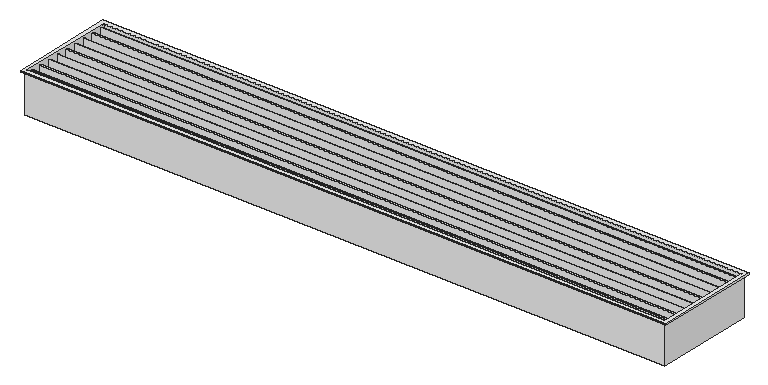
Revit family "DC_Holyoake_MEQ_LD-1200-PMF_13", category Air Terminals, host Face, Revit 2013
Parameters (values of type "LD-1200-PMF")
  Width LD [instance] = 150.0 mm
  URL = "http://www.holyoake.com"
  Type Comments = "Fineline Diffuser Series LD linear bar grilles"  # constant formula
  Static Pressure Min = 3.00 Pa
  Static Pressure Max = 57.00 Pa
  Noise Level NC Min = "< 10 NC"
  Noise Level NC Max = "38 NC"
  Model = "LD-1200-PMF"  # constant formula
  Min Flow = 30 L/s
  Max Flow = 1200 L/s
  Material Face = Holyoake-Aluminium
  Material Body = Holyoake-Aluminium
  Manufacturer = "Holyoake"  # constant formula
  Length LD [instance] = 1000.0 mm
  Holyoake Product Range = "Holyoake Fineline Diffusers"  # constant formula
  Description = "Flangeless Linear Bar Diffuser shall be Holyoake Model LD-1200-PMF. Flangeless Linear Bar Diffuser shall be of extruded aluminium construction to the sizes as documented and supplied with Integral Plaster Mounting Frame (PMF) System. Flangeless Linear Bar Diffusers shall be finished in powdercoat and fitted with accessories and dampers where indicated as manufactured by Holyoake. "  # constant formula
  Default Elevation = 0.0 mm
  Array Number [instance] = ((Width LD - 25.0 mm) / 12.5 mm) - 0.9  # 9
Reference planes
  plane 1 "Center (Front/Back)": y = 0
  plane 2: z = 0
  plane 3 "Center (Left/Right)": x = 0
  plane 4: x = -500
  plane 5: x = 500
  plane 6: y = 75
  plane 7: y = -75
Forms (mm)
  Sweep 1, solid, material "Holyoake-Aluminium" <- "Material Body", detail levels fine
    path origin (0, 0, 0) x (1, 0, 0) y (0, 1, 0)
      loop
        line (-500, 75) -> (-500, -75) -> (500, -75) -> (500, 75) -> (-500, 75)
    profile origin (0, 75, 0) x (0, 1, 0) y (0, 0, 1)
      loop
        line (2, 0) -> (6, 0) -> (6, 2) -> (0, 2) -> (0, -60) -> (2, -60) -> (2, 0)
  Extrusion 2, void
    sketch origin (0, 0, 0) x (1, 0, 0) y (0, 1, 0)
      loop
        line (-500, 75) -> (-500, -75) -> (500, -75) -> (500, 75) -> (-500, 75)
    from 0 to -1000
Cuts and joins
  Extrusion 2 cuts Sweep 1
Lines and regions (mm)
  reference lines
    curve 1: line (-590.798, 68.65, 0) -> (-485.798, 68.65, 0)
    curve 2: line (-590.798, -68.65, 0) -> (-490.798, -68.65, 0)
  symbolic lines, style "Holyoake - Linear Diffusers", detail levels coarse+medium
    curve 3: line (-506, 81, 0) -> (506, 81, 0)
    curve 4: line (-506, -81, 0) -> (-506, 81, 0)
    curve 5: line (506, -81, 0) -> (-506, -81, 0)
    curve 6: line (506, 81, 0) -> (506, -81, 0)
    curve 7: line (-500, -75, 0) -> (500, -75, 0)
    curve 8: line (-500, 75, 0) -> (-500, -75, 0)
    curve 9: line (500, 75, 0) -> (-500, 75, 0)
    curve 10: line (500, -75, 0) -> (500, 75, 0)
    curve 11: line (-502, 0, -60) -> (502, 0, -60)
    curve 12: line (-502, 0, 2) -> (-502, 0, -60)
    curve 13: line (502, 0, 2) -> (-502, 0, 2)
    curve 14: line (502, 0, -60) -> (502, 0, 2)
    curve 15: line (0, 77, -60) -> (0, -77, -60)
    curve 16: line (0, 77, 2) -> (0, 77, -60)
    curve 17: line (0, -77, 2) -> (0, 77, 2)
    curve 18: line (0, -77, -60) -> (0, -77, 2)
Dimensions and locks
  equal spacing: plane 6, plane 1 "Center (Front/Back)", plane 7
  "Width LD": plane 6 to plane 7
  "Length LD": plane 4 to plane 5
  equal spacing: plane 4, plane 3 "Center (Left/Right)", plane 5
  locked: plane 6 to curve 1 at 6.35
  locked: curve 2 to plane 7 at 6.35
  equal spacing: group 1, group 3, group 4, group 5, group 6, group 7, group 8, group 9, group 2  (x2)
  equal spacing: group 2, group 9, group 8, group 7, group 6, group 5, group 4, group 3, group 1
  aligned and locked: plane 2 to host face
  aligned and locked: level to host face
  aligned and locked: plane 4 to Sweep 1 sketch curve
  aligned and locked: Sweep 1 sketch curve to plane 6
  aligned and locked: plane 7 to Sweep 1 sketch curve
  aligned and locked: Sweep 1 sketch curve to plane 5
  aligned and locked: plane 4 to nested 1
  aligned and locked: plane 4 to Sweep 1
  aligned and locked: nested 1 to curve 1
  aligned and locked: Sweep 1 to level
  aligned and locked: curve 2 to nested 2
  aligned and locked: plane 4 to nested 2
  aligned and locked: Extrusion 2 sketch curve to Sweep 1  (x3)
  aligned and locked: Sweep 1 to Extrusion 2 sketch curve
  aligned and locked: cut or joined group of Sweep 1, Extrusion 2 to curve 3
  aligned and locked: curve 3 to cut or joined group of Sweep 1, Extrusion 2
  aligned and locked: curve 6 to cut or joined group of Sweep 1, Extrusion 2  (x2)
  aligned and locked: cut or joined group of Sweep 1, Extrusion 2 to curve 7
  aligned and locked: curve 7 to cut or joined group of Sweep 1, Extrusion 2
  aligned and locked: curve 10 to cut or joined group of Sweep 1, Extrusion 2  (x2)
  aligned and locked: cut or joined group of Sweep 1, Extrusion 2 to curve 11
  aligned and locked: curve 11 to cut or joined group of Sweep 1, Extrusion 2
  aligned and locked: curve 14 to cut or joined group of Sweep 1, Extrusion 2
  aligned and locked: cut or joined group of Sweep 1, Extrusion 2 to curve 13
  aligned and locked: cut or joined group of Sweep 1, Extrusion 2 to curve 15
  aligned and locked: curve 15 to cut or joined group of Sweep 1, Extrusion 2
  aligned and locked: curve 18 to cut or joined group of Sweep 1, Extrusion 2
  aligned and locked: curve 17 to cut or joined group of Sweep 1, Extrusion 2
Automatic sketch dimensions
  Sweep 1 sketch curve to level = 0.0 mm
  Sweep 1 sketch curve to profile plane = 0.0 mm
  Sweep 1 sketch curve to Sweep 1 sketch curve = 2.0 mm
  Sweep 1 sketch curve to Sweep 1 sketch curve = 4.0 mm
  Sweep 1 sketch curve to Sweep 1 sketch curve = 60.0 mm
  level to Sweep 1 sketch curve = 2.0 mm
  host sketch curve to host sketch curve = 1394.524 mm
  host sketch curve to host sketch curve = 530.678 mm
  curve 2 to plane 4 = 90.798 mm
  curve 1 to curve 2 = 0.0 mm
  plane 4 to curve 2 = 9.202 mm
  plane 4 to curve 1 = 14.202 mm
Nested families
  nested 1: "LD Blade" at (-500, 67.15, 0), Blade Length <- "Length LD", type "LD Blade", detail levels fine
    with Blade Length 1000.0 mm
  nested 2: "LD Blade" at (-500, -68.65, 0), Blade Length <- "Length LD", type "LD Blade", detail levels fine
    with Blade Length 1000.0 mm
  nested 3: "LD Blade" at (-500, 50.175, 0), Blade Length <- "Length LD", type "LD Blade", detail levels fine
    with Blade Length 1000.0 mm
  nested 4: "LD Blade" at (-500, 33.2, 0), Blade Length <- "Length LD", type "LD Blade", detail levels fine
    with Blade Length 1000.0 mm
  nested 5: "LD Blade" at (-500, 16.225, 0), Blade Length <- "Length LD", type "LD Blade", detail levels fine
    with Blade Length 1000.0 mm
  nested 6: "LD Blade" at (-500, -0.75, 0), Blade Length <- "Length LD", type "LD Blade", detail levels fine
    with Blade Length 1000.0 mm
  nested 7: "LD Blade" at (-500, -17.725, 0), Blade Length <- "Length LD", type "LD Blade", detail levels fine
    with Blade Length 1000.0 mm
  nested 8: "LD Blade" at (-500, -34.7, 0), Blade Length <- "Length LD", type "LD Blade", detail levels fine
    with Blade Length 1000.0 mm
  nested 9: "LD Blade" at (-500, -51.675, 0), Blade Length <- "Length LD", type "LD Blade", detail levels fine
    with Blade Length 1000.0 mm
Definition of nested family "LD Blade"
  Parameters (values of type "LD Blade")
    Blade Material = Holyoake-Aluminium
    Blade Length [instance] = 600.0 mm
    Assembly Code = ""
  Reference planes
    plane 1 "Center (Front/Back)": y = 0
    plane 2: z = 0
    plane 3 "Center (Left/Right)": x = 0
    plane 4: x = 600
  Forms (mm)
    Extrusion 1, solid, material "Holyoake-Aluminium" <- "Blade Material"
      sketch origin (0, -1.042, 0) x (1, 0, 0) y (0, 1, 0)
        loop
          line (0, 1.042) -> (600, 1.042) -> (600, 2.542) -> (0, 2.542) -> (0, 1.042)
      from 0 to -20
  Dimensions and locks
    Extrusion 1 sketch curve to Extrusion 1 sketch curve = 1.5 mm
    "Blade Length": plane 3 "Center (Left/Right)" to plane 4
    locked: plane 1 "Center (Front/Back)" to Extrusion 1 at 1.5
    aligned and locked: plane 1 "Center (Front/Back)" to Extrusion 1
    aligned and locked: Extrusion 1 to plane 3 "Center (Left/Right)"
    aligned and locked: plane 4 to Extrusion 1
  Automatic sketch dimensions
    Extrusion 1 sketch curve to plane 1 "Center (Front/Back)" = 1.5 mm
    Extrusion 1 sketch curve to plane 3 "Center (Left/Right)" = 0.0 mm
    plane 4 to Extrusion 1 sketch curve = 0.0 mm
